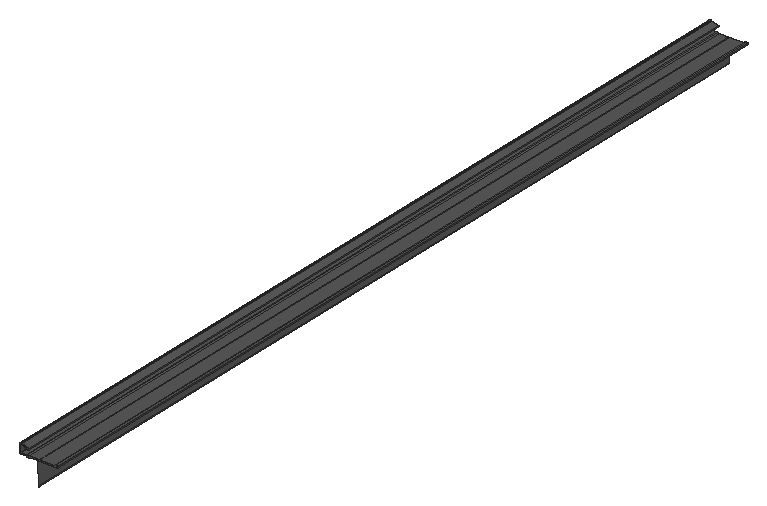
Revit family "NBS_TapcoRoofingProducts_DryFxngVrgs_TapcoSlate_DryVerge", category Generic Models, Revit 2019
Family settings
  Can host rebar = No
  Round Connector Dimension = Use Diameter
  Part Type = Normal
  Work Plane-Based = No
  Always vertical = Yes
  Cut with Voids When Loaded = No
  Shared = No
  Room Calculation Point = No
Parameters
  WarrantyStartDate [instance] = "1900-12-31T23:59:59"
  WarrantyGuarantorParts = "n/a"
  WarrantyGuarantorLabor = "n/a"
  WarrantyDurationUnit = "year"
  WarrantyDurationParts = "n/a"
  WarrantyDurationLabor = "n/a"
  WarrantyDescription = "40-years"
  Version = "1"  # constant formula
  Uniclass2015Version = "Products v1.20"
  Uniclass2015Title = "Dry fixing verges"
  Uniclass2015Code = "Pr_35_90_93_30"
  ThermalTransmittance = 0
  TagNumber [instance] = "n/a"
  SustainabilityPerformance = "n/a"
  SurfaceSpreadOfFlame = "n/a"
  Status = "UNSET"
  Size = "73 x 2000 x 90 mm"
  Shape = "Rectangular"
  SerialNumber [instance] = "n/a"
  Revision = "n/a"
  ReplacementCost = "n/a"
  Reference = "n/a"
  ProductInformation = "https://www.tapcoroofingproducts.com/product/dry-verge/"
  NominalWidth = 90 mm
  NominalLength = 2000 mm
  NominalHeight = 73 mm
  Name = "DryFixingVerges_TapcoSlate_DryVerge_TapcoRoofingProducts"
  NBSReference = "45-80-90/378"
  NBSDescription = "Dry fixing verges"
  NBSCertification = "www.nationalbimlibrary.com/cert/jr2tk03y"
  ModelReference = "TapcoSlate_DryVerge"
  ModelNumber = "n/a"
  Material = "Unplasticised polyvinyl chloride (PVC-U)"
  ManufacturerURL = "www.tapcoroofingproducts.com"
  ManufacturerName = "Tapco Roofing Products"  # constant formula
  Manufacturer = "international@tapcoint.com"
  IsExternal = yes
  InstallationDate [instance] = "1900-12-31T23:59:59"
  IfcExportType = "ROOFING"  # constant formula
  IfcExportAs = "IfcCoveringType"  # constant formula
  Grade = "n/a"
  FragilityRating = "n/a"
  Form = "n/a"
  FlammabilityRating = "n/a"
  FireRating = "n/a"
  Finish = "n/a"
  Features = "Wind uplift and rain protection, patented ‘Drip System’ which allows for self drainage of rain water into the gutter, requires no maintenance once installed, jointing clip also available, easy and quick to install"
  ExpectedLife = "25+ years"
  DurationUnit = "year"
  DryVergeMaterial = NBS_TapcoRoofingProducts_PVC-U_Black
  DryVergeLength = 2000 mm  # constant formula
  Description = "A dry-fix slate/ shake dry verge system installed on gable ends securing slates protecting the verge from wind uplift and the elements"
  Constituents = "n/a"
  Combustible = yes
  Color = "Black"
  CodePerformance = "n/a"
  Category = "Pr_35_90_93_30:Dry fixing verges"
  BarCode [instance] = "n/a"
  BIMObjectName = "NBS_TapcoRoofingProducts_DryFixingVerges_TapcoSlate_DryVerge"
  Author = "NBS"  # constant formula
  AssetType = "Fixed"
  AssetIdentifier [instance] = "n/a"
  Applications = "Suitable for use with Tapco Slate Classic products, designed for use with most natural and man-made tiles"
  AcousticRating = "n/a"
  Accessories = "n/a"
  AccessibilityPerformance = "n/a"
Reference planes
  plane 1 "Center (Front/Back)": y = 0
  plane 2: z = 0
  plane 3 "Center (Left/Right)": x = 0
  plane 4 "Back": y = 1000
  plane 5 "Front": y = -1000
  plane 6 "Left": x = -40
  plane 7 "Right": x = 48
  plane 8: z = -54
  plane 9: z = 22.11
  plane 10: z = 2
  plane 11: x = -38
Forms (mm)
  Extrusion 1, solid, material "NBS_TapcoRoofingProducts_PVC-U_Black" <- "DryVergeMaterial", detail levels medium+fine
    sketch origin (0, 0, 0) x (1, 0, 0) y (0, 0, 1)
      loop
        line (-36.483, 19.679) -> (-20.876, 13.836)
        arc (-20.876, 13.836) -> (-19.588, 14.422) -> (-20.174, 15.709) r 1
        line (-20.174, 15.709) -> (-36.808, 21.936)
        arc (-36.808, 21.936) -> (-37.281, 22.066) -> (-37.77, 22.11) r 2.742
        line (-37.77, 22.11) -> (-38.553, 22.11)
        arc (-38.553, 22.11) -> (-39.576, 21.686) -> (-40, 20.663) r 1.447
        line (-40, 20.663) -> (-40, 1.601)
        arc (-40, 1.601) -> (-39.531, 0.469) -> (-38.399, 0) r 1.601
        line (-38.399, 0) -> (-24.863, 0)
        arc (-24.863, 0) -> (-24.308, -0.091) -> (-23.812, -0.355) r 1.736
        arc (-23.812, -0.355) -> (-19.898, -1.663) -> (-16.001, -0.309) r 6.397
        arc (-16.001, -0.309) -> (-15.578, -0.079) -> (-15.103, 0) r 1.459
        line (-15.103, 0) -> (-0.047, 0)
        arc (-0.047, 0) -> (0.56, -0.244) -> (0.829, -0.841) r 0.877
        line (0.829, -0.841) -> (2.978, -53.012)
        arc (2.978, -53.012) -> (4.036, -53.985) -> (5.009, -52.926) r 1.017
        line (5.009, -52.926) -> (2.769, -0.974)
        arc (2.769, -0.974) -> (3.027, -0.288) -> (3.701, 0) r 0.934
        line (3.701, 0) -> (45.836, 0)
        arc (45.836, 0) -> (47.366, 0.634) -> (48, 2.164) r 2.164
        line (48, 2.164) -> (48, 3.156)
        arc (48, 3.156) -> (47.356, 4.712) -> (45.8, 5.356) r 2.2
        line (45.8, 5.356) -> (44.149, 5.356)
        arc (44.149, 5.356) -> (43.149, 4.356) -> (44.149, 3.356) r 1
        line (44.149, 3.356) -> (45.026, 3.356)
        arc (45.026, 3.356) -> (45.704, 2.678) -> (45.026, 2) r 0.678
        line (45.026, 2) -> (-16.032, 2)
        arc (-16.032, 2) -> (-16.431, 1.919) -> (-16.766, 1.687) r 1.018
        arc (-16.766, 1.687) -> (-19.932, 0.337) -> (-23.101, 1.682) r 4.397
        arc (-23.101, 1.682) -> (-23.443, 1.917) -> (-23.849, 2) r 1.04
        line (-23.849, 2) -> (-37, 2)
        arc (-37, 2) -> (-37.707, 2.293) -> (-38, 3) r 1
        line (-38, 3) -> (-38, 18.627)
        arc (-38, 18.627) -> (-37.517, 19.55) -> (-36.483, 19.679) r 1.123
    from -1000 to 1000
  Extrusion 2, solid, material "NBS_TapcoRoofingProducts_PVC-U_Black" <- "DryVergeMaterial", detail levels coarse
    sketch origin (0, 0, 0) x (1, 0, 0) y (0, 0, 1)
      loop
        line (-40, 0) -> (-0.047, 0) -> (1.838, -54) -> (3.839, -54) -> (1.954, 0) -> (48, 0) -> (48, 2) -> (-38, 2) -> (-38, 22.11) -> (-40, 22.11) -> (-40, 0)
    from -1000 to 1000
Dimensions and locks
  equal spacing: plane 4 "Back", plane 1 "Center (Front/Back)", plane 5 "Front"
  "DryVergeLength": plane 4 "Back" to plane 5 "Front"
  locked: plane 6 "Left" to plane 3 "Center (Left/Right)" at 40
  locked: plane 7 "Right" to plane 3 "Center (Left/Right)" at 48
  locked: plane 10 to plane 2 at 2
  locked: plane 6 "Left" to plane 11 at 2
  plane 6 "Left" to plane 7 "Right" = 88 mm
  locked: plane 9 to plane 2 at 22.11
  locked: plane 2 to plane 8 at 54
  aligned and locked: level to plane 2
  aligned and locked: Extrusion 1 sketch curve to plane 6 "Left"
  aligned and locked: Extrusion 1 sketch curve to plane 11
  aligned and locked: Extrusion 1 sketch curve to plane 9
  aligned and locked: Extrusion 1 sketch curve to plane 10
  aligned and locked: Extrusion 1 sketch curve to plane 2
  aligned and locked: Extrusion 1 to plane 5 "Front"
  aligned and locked: plane 4 "Back" to Extrusion 1
  aligned and locked: Extrusion 2 sketch curve to plane 6 "Left"
  aligned and locked: Extrusion 2 sketch curve to plane 11
  aligned and locked: Extrusion 2 sketch curve to plane 9
  aligned and locked: Extrusion 2 sketch curve to plane 10
  aligned and locked: Extrusion 2 sketch curve to plane 2
  aligned and locked: Extrusion 2 sketch curve to plane 7 "Right"
  aligned and locked: Extrusion 2 sketch curve to plane 8
  aligned and locked: plane 4 "Back" to Extrusion 2
  aligned and locked: Extrusion 2 to plane 5 "Front"
Automatic sketch dimensions
  Extrusion 1 sketch curve to Extrusion 1 sketch curve = 0 mm  (x4)
  plane 11 to Extrusion 1 sketch curve = 0 mm
  Extrusion 1 sketch curve to plane 10 = 0 mm
  Extrusion 1 sketch curve to level = 0 mm  (x2)
  Extrusion 1 sketch curve to plane 7 "Right" = 0 mm
  plane 11 to Extrusion 1 sketch curve = 0.553 mm
  plane 11 to Extrusion 1 sketch curve = 0.399 mm
  Extrusion 1 sketch curve to plane 11 = 0.23 mm
  Extrusion 1 sketch curve to plane 11 = 1 mm
  Extrusion 1 sketch curve to plane 11 = 1.123 mm
  Extrusion 1 sketch curve to plane 9 = 0.174 mm
  Extrusion 1 sketch curve to Extrusion 1 sketch curve = 0.961 mm
  Extrusion 1 sketch curve to Extrusion 1 sketch curve = 0.394 mm
  Extrusion 1 sketch curve to level = 1.736 mm
  Extrusion 1 sketch curve to Extrusion 1 sketch curve = 12.137 mm
  Extrusion 1 sketch curve to Extrusion 1 sketch curve = 1.014 mm
  Extrusion 1 sketch curve to plane 9 = 8.274 mm
  Extrusion 1 sketch curve to Extrusion 1 sketch curve = 2.974 mm
  Extrusion 1 sketch curve to Extrusion 1 sketch curve = 0.351 mm  (x2)
  Extrusion 1 sketch curve to plane 9 = 6.401 mm
  Extrusion 1 sketch curve to Extrusion 1 sketch curve = 3.913 mm
  level to Extrusion 1 sketch curve = 0.982 mm
  Extrusion 1 sketch curve to Extrusion 1 sketch curve = 3.904 mm
  Extrusion 1 sketch curve to Extrusion 1 sketch curve = 0.929 mm
  Extrusion 1 sketch curve to plane 3 "Center (Left/Right)" = 0.047 mm
  plane 3 "Center (Left/Right)" to Extrusion 1 sketch curve = 0.829 mm
  Extrusion 1 sketch curve to level = 0.974 mm
  Extrusion 1 sketch curve to Extrusion 1 sketch curve = 1.94 mm
  Extrusion 1 sketch curve to plane 8 = 0.988 mm
  plane 3 "Center (Left/Right)" to Extrusion 1 sketch curve = 2.978 mm
  Extrusion 1 sketch curve to Extrusion 1 sketch curve = 0.933 mm
  Extrusion 1 sketch curve to Extrusion 1 sketch curve = 1.016 mm  (x2)
  Extrusion 1 sketch curve to plane 8 = 1.074 mm
  plane 10 to Extrusion 1 sketch curve = 2.356 mm
  Extrusion 1 sketch curve to plane 7 "Right" = 3.851 mm
  Extrusion 1 sketch curve to Extrusion 1 sketch curve = 0.877 mm
  Extrusion 1 sketch curve to Extrusion 1 sketch curve = 0.774 mm
  Extrusion 1 sketch curve to Extrusion 1 sketch curve = 0.81 mm
  Extrusion 1 sketch curve to level = 1.459 mm
  Extrusion 1 sketch curve to level = 0.877 mm
  level to Extrusion 1 sketch curve = 0.96 mm
  Extrusion 1 sketch curve to Extrusion 1 sketch curve = 0.678 mm
  plane 10 to Extrusion 1 sketch curve = 2.734 mm
  Extrusion 1 sketch curve to Extrusion 1 sketch curve = 0.741 mm
  Extrusion 2 sketch curve to plane 3 "Center (Left/Right)" = 0.047 mm
  plane 3 "Center (Left/Right)" to Extrusion 2 sketch curve = 1.838 mm
  Extrusion 2 sketch curve to Extrusion 2 sketch curve = 2.001 mm
  Extrusion 2 sketch curve to level = 0 mm
  plane 3 "Center (Left/Right)" to Extrusion 2 sketch curve = 1.954 mm
